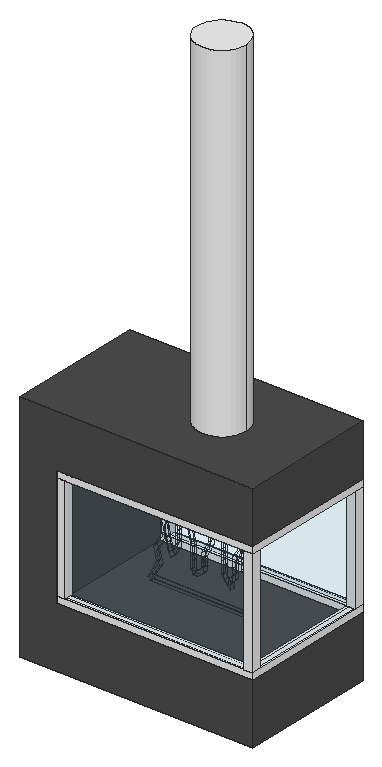
Revit family "Fireplace 1", category Specialty Equipment, Revit 2020
Family settings
  Round Connector Dimension = Use Diameter
  Part Type = Normal
  Work Plane-Based = No
  Always vertical = Yes
  Cut with Voids When Loaded = No
  Shared = No
  Room Calculation Point = No
Parameters
  need BIM content created? = "enquiries@bimbandit.com"
  hauteur conduit [instance] = 4' - 8.54619"
  foyer = Metal Panel
  conduit de cheminée = Metal - Chrome
  cadre de foyer = Metal - Aluminum
  Source = "www.bimbandit.com"
  FEU = feu jaune
  Default Elevation = 0' - 0"
  Assembly Code = ""
Reference planes (in)
  plane 1 "Center (Front/Back)": y = 0
  plane 2: z = 0
  plane 3 "Center (Left/Right)": x = 0
Forms (in)
  Extrusion 1, solid, material "Metal Panel" <- "foyer"
    sketch origin (-61.75296, -51.23678, 0) x (1, 0, 0) y (0, 1, 0)
      loop
        line (61.75296, 51.47273) -> (99.75296, 51.47273) -> (99.75296, 73.97273) -> (61.75296, 73.97273) -> (61.75296, 51.47273)
    from 0 to 38
  Extrusion 2, void
    sketch origin (-61.75296, -51.23678, 0) x (1, 0, 0) y (0, 1, 0)
      loop
        line (99.75296, 51.47273) -> (99.75296, 73.97273) -> (67.75296, 73.97273) -> (67.75296, 51.47273) -> (99.75296, 51.47273)
    from 10 to 29.375
  Extrusion 3, solid, material "Glass"
    sketch origin (-61.75296, -51.23678, 10) x (1, 0, 0) y (0, 1, 0)
      loop
        line (67.75296, 51.72273) -> (99.50296, 51.72273) -> (99.50296, 73.72273) -> (67.75296, 73.72273) -> (67.75296, 72.97273) -> (98.75296, 72.97273) -> (98.75296, 52.47273) -> (67.75296, 52.47273) -> (67.75296, 51.72273)
    from 18.375 to 1
  Extrusion 4, solid, material "Metal - Aluminum" <- "cadre de foyer"
    sketch origin (-61.75296, -51.23678, 10) x (1, 0, 0) y (0, 1, 0)
      loop
        line (67.75296, 51.47273) -> (99.75296, 51.47273) -> (99.75296, 73.97273) -> (67.75296, 73.97273) -> (67.75296, 72.5634) -> (98.37082, 72.5634) -> (98.37082, 52.88205) -> (67.75296, 52.88205) -> (67.75296, 51.47273)
    from 1 to 0
  Extrusion 5, solid, material "Metal - Aluminum" <- "cadre de foyer"
    sketch origin (-61.75296, -51.23678, 10) x (1, 0, 0) y (0, 1, 0)
      loop
        line (67.75296, 51.47273) -> (99.75296, 51.47273) -> (99.75296, 73.97273) -> (67.75296, 73.97273) -> (67.75296, 72.5634) -> (98.37082, 72.5634) -> (98.37082, 52.88205) -> (67.75296, 52.88205) -> (67.75296, 51.47273)
    from 19.375 to 18.375
  Extrusion 6, solid, material "Metal - Aluminum" <- "cadre de foyer"
    sketch origin (-61.75296, -51.23678, 0) x (1, 0, 0) y (0, 1, 0)
      loop
        line (99.75296, 51.47273) -> (99.75296, 52.88205) -> (98.37082, 52.88205) -> (98.37082, 51.47273) -> (99.75296, 51.47273)
    from 28.375 to 11
  Extrusion 7, solid, material "Metal - Aluminum" <- "cadre de foyer"
    sketch origin (-61.75296, -30.1461, 0) x (1, 0, 0) y (0, 1, 0)
      loop
        line (99.75296, 51.47273) -> (99.75296, 52.88205) -> (98.37082, 52.88205) -> (98.37082, 51.47273) -> (99.75296, 51.47273)
    from 28.375 to 11
  Extrusion 8, solid, material "Metal - Aluminum" <- "cadre de foyer"
    sketch origin (-92.37082, -51.23678, 0) x (1, 0, 0) y (0, 1, 0)
      loop
        line (99.75296, 51.47273) -> (99.75296, 52.88205) -> (98.37082, 52.88205) -> (98.37082, 51.47273) -> (99.75296, 51.47273)
    from 28.375 to 11
  Extrusion 9, solid, material "Metal - Aluminum" <- "cadre de foyer"
    sketch origin (-92.37082, -30.1461, 0) x (1, 0, 0) y (0, 1, 0)
      loop
        line (99.75296, 51.47273) -> (99.75296, 52.88205) -> (98.37082, 52.88205) -> (98.37082, 51.47273) -> (99.75296, 51.47273)
    from 28.375 to 11
  Extrusion 10, solid, material "Metal - Chrome" <- "conduit de cheminée"
    sketch origin (-61.75296, -51.81322, 38) x (1, 0, 0) y (0, 1, 0)
      loop
        circle (85.75141, 63.29916) r 4
    from 56.54619 <- "hauteur conduit" to 0
  Extrusion 11, solid, material "feu jaune" <- "FEU"
    sketch origin (-62.3851, -51.23678, 0) x (1, 0, 0) y (0, 0, 1)
      loop
        line (75.25462, 11) -> (91.3851, 11) -> (91.3851, 12.75) -> (91.91543, 13.28033) -> (91.91543, 13.78033) -> (91.91543, 14.53033) -> (91.91543, 16.03033) -> (90.67799, 17.26777) -> (90.67799, 18.26777) -> (90.67799, 20.76777) -> (90.14766, 22.2981) -> (90.14766, 20.2981) -> (89.2326, 18.71316) -> (89.2326, 16.96316) -> (89.2326, 15.96316) -> (88.52549, 15.25605) -> (88.52549, 14.25605) -> (87.34236, 15.43918) -> (87.34236, 17.43918) -> (87.34236, 19.18918) -> (87.34236, 20.93918) -> (86.34236, 22.67123) -> (86.34236, 24.42123) -> (85.63525, 25.12834) -> (84.22634, 23.71942) -> (85.22634, 21.98737) -> (85.22634, 19.48737) -> (84.10134, 17.53881) -> (84.10134, 16.53881) -> (84.10134, 16.03881) -> (84.10134, 15.28881) -> (83.21745, 14.40493) -> (82.29199, 14.40493) -> (82.29199, 16.40493) -> (82.29199, 18.40493) -> (81.64423, 21.13731) -> (81.18288, 23.08337) -> (81.18288, 25.33337) -> (80.48374, 26.03252) -> (80.48374, 23.03252) -> (79.85874, 21.94999) -> (79.85874, 19.94999) -> (79.85874, 18.44999) -> (79.85874, 17.19999) -> (79.23374, 16.11746) -> (78.70341, 15.58713) -> (78.20336, 17.69644) -> (77.62667, 20.12902) -> (77.62667, 18.08394) -> (76.30957, 15.80266) -> (76.80962, 13.69334) -> (76.05962, 12.3943) -> (75.25462, 11)
    from -61.9424 to -62.72273
  Extrusion 12, solid, material "feu jaune" <- "FEU"
    sketch origin (-63.3851, -50.45645, 0) x (1, 0, 0) y (0, 0, 1)
      loop
        line (75.25462, 11) -> (91.3851, 11) -> (91.3851, 12.75) -> (91.91543, 13.28033) -> (91.91543, 13.78033) -> (91.91543, 14.53033) -> (91.91543, 16.03033) -> (90.67799, 17.26777) -> (90.67799, 18.26777) -> (90.67799, 20.76777) -> (90.14766, 22.2981) -> (90.14766, 20.2981) -> (89.2326, 18.71316) -> (89.2326, 16.96316) -> (89.2326, 15.96316) -> (88.52549, 15.25605) -> (88.52549, 14.25605) -> (87.34236, 15.43918) -> (87.34236, 17.43918) -> (87.34236, 19.18918) -> (87.34236, 20.93918) -> (86.34236, 22.67123) -> (86.34236, 24.42123) -> (85.63525, 25.12834) -> (84.22634, 23.71942) -> (85.22634, 21.98737) -> (85.22634, 19.48737) -> (84.10134, 17.53881) -> (84.10134, 16.53881) -> (84.10134, 16.03881) -> (84.10134, 15.28881) -> (83.21745, 14.40493) -> (82.29199, 14.40493) -> (82.29199, 16.40493) -> (82.29199, 18.40493) -> (81.64423, 21.13731) -> (81.18288, 23.08337) -> (81.18288, 25.33337) -> (80.48374, 26.03252) -> (80.48374, 23.03252) -> (79.85874, 21.94999) -> (79.85874, 19.94999) -> (79.85874, 18.44999) -> (79.85874, 17.19999) -> (79.23374, 16.11746) -> (78.70341, 15.58713) -> (78.20336, 17.69644) -> (77.62667, 20.12902) -> (77.62667, 18.08394) -> (76.30957, 15.80266) -> (76.80962, 13.69334) -> (76.05962, 12.3943) -> (75.25462, 11)
    from -61.9424 to -62.72273
Cuts and joins
  Extrusion 2 cuts Extrusion 1
Lines and regions (in)
  reference lines
    curve 1: line (49, 11.48595, 0) -> (-8, 11.48595, 0)
Dimensions and locks (in)
  cut or joined group of Extrusion 1, Extrusion 2 to Extrusion 5 to Extrusion 5 to Extrusion 4 to Extrusion 4 to cut or joined group of Extrusion 1, Extrusion 2 = 0' - 8 5/8", 0' - 1", 1' - 5 3/8", 0' - 1", 0' - 10"
  aligned and locked: level to plane 2
Nested families (in)
  nested 1: "Family3" at (22.38786, 11.52267, -34.71593), type "Family3"
Definition of nested family "Family3"
  Parameters
    Wattage = 12.1178 W
    built-in parameter 1150110 = 1 (stored number, unit not read)
    built-in parameter 1114217 = 1 (stored number, unit not read)
    built-in parameter 1150109 = 1 (stored number, unit not read)
    built-in parameter 1150134 = (empty or 0)
    built-in parameter 1150113 = 1 (stored number, unit not read)
    Lumens = 1800 lm
    built-in parameter 1150115 = 1 (stored number, unit not read)
    built-in parameter 1150105 = 143.24 (stored number, unit not read)
    Light Source Symbol Size = 2' - 0"
    built-in parameter 1150137 = (empty or 0)
    built-in parameter 1150139 = (empty or 0)
    built-in parameter 1150112 = 1 (stored number, unit not read)
    built-in parameter 1150114 = 1 (stored number, unit not read)
    built-in parameter 1150132 = 2
    built-in parameter 1150102 = (empty or 0)
    built-in parameter 1150138 = (empty or 0)
    built-in parameter 1150107 = 3000 (stored number, unit not read)
    built-in parameter 1150106 = 1.4324 (stored number, unit not read)
    Emit from Line Length = 2' - 0"
    built-in parameter 1150104 = 13.8 (stored number, unit not read)
    Dimming Lamp Color Temperature Shift = (empty or 0)
    Default Elevation = 0' - 0"
    Color Filter = 16777215
    built-in parameter 1114218 = 1 (stored number, unit not read)
    built-in parameter 1150133 = 10 (stored number, unit not read)
  Reference planes (in)
    plane 1 "Light Source Axis (F/B)": y = 0
    plane 2: z = 0
    plane 3 "Light Source Axis (L/R)": x = 0
    plane 4 "Light Source Elevation": z = 54
  Dimensions and locks (in)
    aligned and locked: plane 3 "Light Source Axis (L/R)" to imposter light
    aligned and locked: plane 1 "Light Source Axis (F/B)" to imposter light
    aligned and locked: plane 4 "Light Source Elevation" to imposter light
    aligned and locked: level to plane 2
